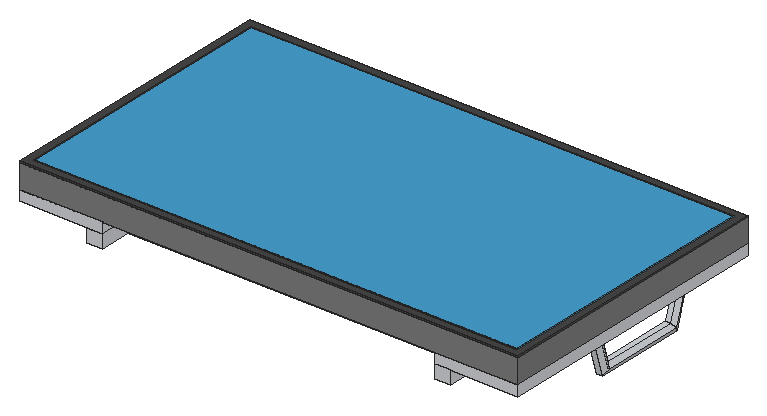
Revit family (continued)
Automatic sketch dimensions
  curve 623 to curve 624 = 0.01367"
  curve 612 to curve 621 = 0.01772"
  curve 617 to curve 623 = 0.01772"
  curve 621 to curve 628 = 0.02992"
  curve 628 to curve 630 = 0.000"
  curve 630 to curve 633 = 0.000"
  curve 621 to curve 627 = 0.02992"
  curve 623 to curve 634 = 0.02992"
  curve 617 to curve 609 = 0.08589"
  curve 634 to curve 632 = 0.1122"
  curve 631 to curve 632 = 0.000"
  curve 629 to curve 631 = 0.000"
  curve 626 to curve 629 = 0.000"
  curve 632 to curve 625 = 0.03504"
  curve 625 to curve 615 = 0.01772"
  curve 619 to curve 613 = 0.01772"
  curve 559 to plane 10 "handle bottom" = 0.99603"
  curve 609 to curve 589 = 0.38819"
  curve 557 to curve 580 = 0.12992"
  curve 589 to curve 586 = 0.000"
  curve 580 to curve 583 = 0.000"
  curve 577 to curve 583 = 0.000"
  curve 587 to curve 588 = 0.000"
  curve 577 to curve 576 = 0.01969"
  curve 582 to curve 581 = 0.000"
  curve 578 to curve 587 = 0.00787"
  curve 576 to curve 568 = 0.0748"
  curve 610 to curve 636 = 0.29961"
  curve 636 to curve 647 = 0.05709"
  curve 568 to curve 570 = 0.09843"
  curve 568 to curve 574 = 0.09843"
  curve 569 to curve 601 = 0.02362"
  curve 573 to curve 599 = 0.02362"
  curve 646 to curve 637 = 0.06102"
  curve 602 to curve 601 = 0.000"
  curve 600 to curve 599 = 0.000"
  curve 637 to curve 646 = 0.01772"
  curve 642 to curve 648 = 0.01772"
  curve 602 to curve 603 = 0.01969"
  curve 600 to curve 596 = 0.01969"
  curve 648 to curve 659 = 0.02992"
  curve 646 to curve 653 = 0.02992"
  curve 646 to curve 652 = 0.02992"
  curve 653 to curve 655 = 0.000"
  curve 655 to curve 658 = 0.000"
  curve 557 to curve 670 = 0.43307"
  curve 563 to curve 670 = 0.000"
  curve 669 to curve 670 = 0.000"
  curve 670 to curve 672 = 0.000"
  curve 671 to curve 672 = 0.000"
  curve 563 to curve 562 = 0.01256"
  curve 642 to curve 606 = 0.08746"
  curve 637 to curve 607 = 0.08746"
  curve 562 to curve 555 = 0.04649"
  curve 671 to curve 674 = 0.0779"
  curve 674 to curve 672 = 0.00704"
  curve 659 to curve 657 = 0.1122"
  curve 656 to curve 657 = 0.000"
  curve 654 to curve 656 = 0.000"
  curve 651 to curve 654 = 0.000"
  curve 669 to curve 564 = 0.03317"
  curve 565 to curve 564 = 0.000"
  curve 651 to curve 644 = 0.03504"
  curve 657 to curve 650 = 0.03504"
  curve 672 to curve 663 = 0.07057"
  curve 650 to curve 650 = 0.01367"
  curve 644 to curve 638 = 0.01772"
  curve 650 to curve 640 = 0.01772"
  curve 661 to curve 664 = 0.00984"
  curve 664 to curve 667 = 0.00984"
  curve 644 to curve 639 = 0.02445"
  curve 592 to curve 569 = 0.23228"
  curve 566 to curve 592 = 0.00394"
  curve 566 to curve 595 = 0.00394"
  curve 666 to curve 665 = 0.05906"
  curve 594 to curve 598 = 0.01969"
  curve 590 to curve 604 = 0.01969"
  curve 665 to curve 661 = 0.01969"
  curve 597 to curve 598 = 0.000"
  curve 557 to curve 675 = 0.27559"
  curve 675 to curve 677 = 0.01476"
  curve 676 to curve 677 = 0.05413"
  curve 676 to curve 557 = 0.05906"
  curve 675 to curve 676 = 0.000"
  curve 676 to curve 677 = 0.000"
  curve 675 to curve 675 = 0.11811"
  curve 675 to curve 677 = 0.000"
  curve 676 to curve 678 = 0.01476"
  curve 677 to curve 678 = 0.01476"
  curve 677 to curve 678 = 0.000"
  curve 676 to curve 679 = 0.000"
  curve 676 to curve 678 = 0.000"
  curve 684 to curve 647 = 0.000"
  curve 683 to curve 643 = 0.000"  (x2)
  curve 685 to curve 648 = 0.000"
  curve 648 to curve 685 = 0.01939"
  curve 679 to curve 680 = 0.01476"
  curve 680 to curve 681 = 0.02461"
  curve 681 to curve 682 = 0.01476"
  curve 678 to curve 680 = 0.000"
  curve 680 to curve 681 = 0.000"
  curve 681 to curve 682 = 0.000"  (x2)
  curve 679 to curve 682 = 0.000"
  curve 679 to curve 680 = 0.000"
  curve 684 to curve 647 = 0.01811"
  curve 648 to curve 685 = 0.00157"
  curve 643 to curve 683 = 0.02126"
  curve 686 to plane 10 "handle bottom" = 0.39863"
  curve 649 to curve 686 = 0.01939"
  curve 689 to curve 644 = 0.01939"
  curve 644 to curve 689 = 0.00157"
  curve 690 to plane 10 "handle bottom" = 0.57579"
  curve 690 to curve 646 = 0.01939"
  curve 621 to curve 693 = 0.000"  (x2)
  curve 693 to curve 621 = 0.01939"
  curve 692 to curve 622 = 0.000"
  curve 692 to curve 622 = 0.01969"
  curve 694 to plane 10 "handle bottom" = 1.14863"
  curve 694 to curve 619 = 0.01939"
  curve 619 to curve 695 = 0.000"  (x2)
  curve 696 to curve 618 = 0.000"
  curve 625 to curve 697 = 0.000"
  curve 624 to curve 697 = 0.01939"
  level to curve 698 = 1.07421"
  curve 623 to curve 698 = 0.01939"
  plane 11 to Extrusion 17 sketch curve = 0.27777"
  Extrusion 17 sketch curve to plane 1 "Center (Front/Back)" = 10.305"
  plane 9 "handle" to Extrusion 17 sketch curve = 0.27777"
  plane 12 "bottom face" to Extrusion 17 sketch curve = 0.650"
  radius of curve 99 = 0.01969"
  radius of curve 100 = 0.01969"
  radius of curve 101 = 0.01969"
  radius of curve 102 = 0.01969"
  radius of curve 103 = 0.01969"
  radius of curve 104 = 0.01969"
  radius of curve 105 = 0.01969"
  radius of curve 106 = 0.01969"
  radius of curve 107 = 0.01969"
  radius of curve 108 = 0.01969"
  radius of curve 109 = 0.01969"
  radius of curve 110 = 0.01969"
  radius of curve 111 = 0.01969"
  radius of curve 112 = 0.01969"
  radius of curve 113 = 0.01969"
  radius of curve 272 = 0.18701"
  radius of curve 273 = 0.16496"
  radius of curve 274 = 0.25236"
  radius of curve 275 = 0.26575"
  radius of curve 276 = 0.18701"
  radius of curve 277 = 0.16496"
  radius of curve 278 = 0.25236"
  radius of curve 279 = 0.26575"
  radius of curve 280 = 0.18701"
  radius of curve 281 = 0.16496"
  radius of curve 282 = 0.25236"
  radius of curve 283 = 0.26575"
  radius of curve 284 = 0.18701"
  radius of curve 285 = 0.16496"
  radius of curve 286 = 0.25236"
  radius of curve 287 = 0.26575"
  radius of curve 288 = 0.18701"
  radius of curve 289 = 0.16496"
  radius of curve 290 = 0.25236"
  radius of curve 291 = 0.26575"
  radius of curve 292 = 0.18701"
  radius of curve 293 = 0.16496"
  radius of curve 294 = 0.25236"
  radius of curve 295 = 0.26575"
  radius of curve 296 = 0.18701"
  radius of curve 297 = 0.16496"
  radius of curve 298 = 0.25236"
  radius of curve 299 = 0.26575"
  radius of curve 300 = 0.18701"
  radius of curve 301 = 0.16496"
  radius of curve 302 = 0.25236"
  radius of curve 303 = 0.26575"
  radius of curve 304 = 0.18701"
  radius of curve 305 = 0.16496"
  radius of curve 306 = 0.25236"
  radius of curve 307 = 0.26575"
  radius of curve 308 = 0.18701"
  radius of curve 309 = 0.16496"
  radius of curve 310 = 0.25236"
  radius of curve 311 = 0.26575"
  radius of curve 312 = 0.18701"
  radius of curve 313 = 0.16496"
  radius of curve 314 = 0.25236"
  radius of curve 315 = 0.26575"
  radius of curve 316 = 0.18701"
  radius of curve 317 = 0.16496"
  radius of curve 318 = 0.25236"
  radius of curve 319 = 0.26575"
  radius of curve 320 = 0.18701"
  radius of curve 321 = 0.16496"
  radius of curve 322 = 0.25236"
  radius of curve 323 = 0.26575"
  radius of curve 324 = 0.18701"
  radius of curve 325 = 0.16496"
  radius of curve 326 = 0.25236"
  radius of curve 327 = 0.26575"
  radius of curve 344 = 0.06299"
  radius of curve 345 = 0.1437"
  radius of curve 346 = 0.16339"
  radius of curve 347 = 0.19685"
  radius of curve 348 = 0.22047"
  radius of curve 349 = 0.06299"
  radius of curve 350 = 0.1437"
  radius of curve 351 = 0.16339"
  radius of curve 352 = 0.19685"
  radius of curve 353 = 0.22047"
  radius of curve 354 = 0.06299"
  radius of curve 355 = 0.1437"
  radius of curve 356 = 0.16339"
  radius of curve 357 = 0.19685"
  radius of curve 358 = 0.22047"
  radius of curve 359 = 0.06299"
  radius of curve 360 = 0.1437"
  radius of curve 361 = 0.16339"
  radius of curve 362 = 0.19685"
  radius of curve 363 = 0.22047"
  radius of curve 364 = 0.06299"
  radius of curve 365 = 0.1437"
  radius of curve 366 = 0.16339"
  radius of curve 367 = 0.19685"
  radius of curve 368 = 0.22047"
  radius of curve 369 = 0.06299"
  radius of curve 370 = 0.1437"
  radius of curve 371 = 0.16339"
  radius of curve 372 = 0.19685"
  radius of curve 373 = 0.22047"
  radius of curve 374 = 0.06299"
  radius of curve 375 = 0.1437"
  radius of curve 376 = 0.16339"
  radius of curve 377 = 0.19685"
  radius of curve 378 = 0.22047"
  radius of curve 379 = 0.06299"
  radius of curve 380 = 0.1437"
  radius of curve 381 = 0.16339"
  radius of curve 382 = 0.19685"
  radius of curve 383 = 0.22047"
  radius of curve 384 = 0.06299"
  radius of curve 385 = 0.1437"
  radius of curve 386 = 0.16339"
  radius of curve 387 = 0.19685"
  radius of curve 388 = 0.22047"
  radius of curve 389 = 0.06299"
  radius of curve 390 = 0.1437"
  radius of curve 391 = 0.16339"
  radius of curve 392 = 0.19685"
  radius of curve 393 = 0.22047"
  radius of curve 394 = 0.16339"
  radius of curve 395 = 0.12402"
  radius of curve 396 = 0.17717"
  radius of curve 397 = 0.06299"
  radius of curve 398 = 0.25591"
  radius of curve 399 = 0.23819"
  radius of curve 400 = 0.24606"
  radius of curve 401 = 0.22638"
  radius of curve 420 = 0.02165"
  radius of curve 421 = 0.02165"
  radius of curve 422 = 0.00984"
  radius of curve 423 = 0.00984"
  radius of curve 426 = 0.08465"
  radius of curve 427 = 0.08465"
  radius of curve 428 = 0.08465"
  radius of curve 429 = 0.08465"
  radius of curve 430 = 0.08465"
  radius of curve 431 = 0.08465"
  radius of curve 444 = 0.11811"
  radius of curve 451 = 0.11811"
  radius of curve 469 = 0.14961"
  radius of curve 470 = 0.12795"
  radius of curve 471 = 0.11365"
  radius of curve 472 = 0.14961"
  radius of curve 473 = 0.12795"
  radius of curve 474 = 0.11365"
  radius of curve 475 = 0.14961"
  radius of curve 476 = 0.12795"
  radius of curve 477 = 0.11365"
  radius of curve 478 = 0.14961"
  radius of curve 479 = 0.12795"
  radius of curve 480 = 0.11365"
  radius of curve 481 = 0.14961"
  radius of curve 482 = 0.12795"
  radius of curve 483 = 0.11365"
  radius of curve 484 = 0.14961"
  radius of curve 485 = 0.12795"
  radius of curve 486 = 0.11365"
  radius of curve 487 = 0.14961"
  radius of curve 488 = 0.12795"
  radius of curve 489 = 0.11365"
  radius of curve 490 = 0.14961"
  radius of curve 491 = 0.12795"
  radius of curve 492 = 0.11365"
  radius of curve 493 = 0.19685"
  radius of curve 494 = 0.15748"
  radius of curve 503 = 0.05906"
  radius of curve 504 = 0.06693"
  radius of curve 539 = 0.06299"
  radius of curve 540 = 0.05906"
  radius of curve 552 = 0.17717"
  radius of curve 553 = 0.1378"
  radius of curve 554 = 0.11811"
  radius of curve 555 = 0.09055"
  radius of curve 556 = 0.07087"
  radius of curve 557 = 0.17717"
  radius of curve 558 = 0.1378"
  radius of curve 559 = 0.11811"
  radius of curve 560 = 0.09055"
  radius of curve 561 = 0.07087"
  radius of curve 606 = 0.06299"
  radius of curve 607 = 0.06299"
  radius of curve 608 = 0.06299"
  radius of curve 609 = 0.06299"
  radius of curve 626 = 0.01969"
  radius of curve 627 = 0.01969"
  radius of curve 628 = 0.01969"
  radius of curve 629 = 0.01969"
  radius of curve 630 = 0.01969"
  radius of curve 631 = 0.01969"
  radius of curve 632 = 0.01969"
  radius of curve 633 = 0.01969"
  radius of curve 634 = 0.01969"
  radius of curve 651 = 0.01969"
  radius of curve 652 = 0.01969"
  radius of curve 653 = 0.01969"
  radius of curve 654 = 0.01969"
  radius of curve 655 = 0.01969"
  radius of curve 656 = 0.01969"
  radius of curve 657 = 0.01969"
  radius of curve 658 = 0.01969"
  radius of curve 659 = 0.01969"
